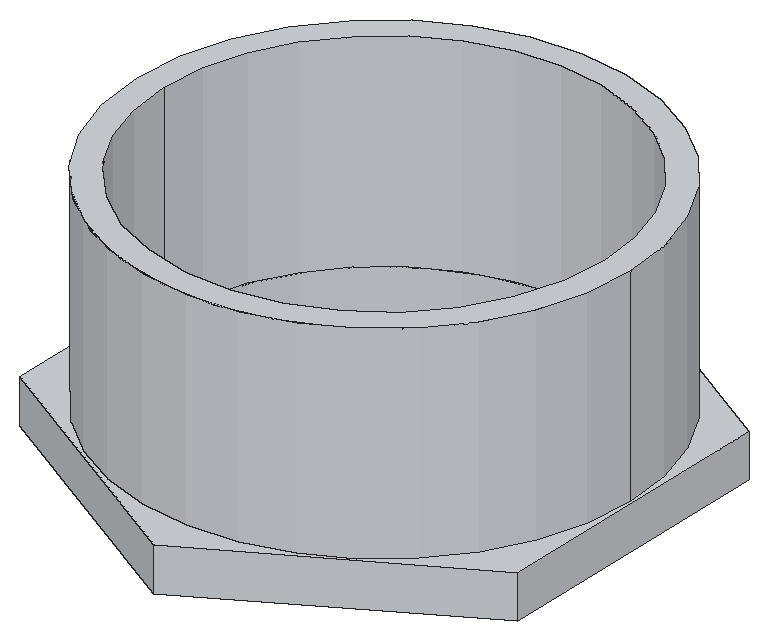
Revit family "MBBL5", category Generic Models, Revit 2017
Family settings
  Can host rebar = No
  Round Connector Dimension = Use Diameter
  Part Type = Normal
  Work Plane-Based = Yes
  Always vertical = No
  Cut with Voids When Loaded = No
  Shared = No
  Room Calculation Point = No
Parameters (values of type "NBS Standard Parameters")
  Weight = "0.0815Kg"
  WarrantyStartDate [instance] = "1900-12-31T23:59:59"
  WarrantyGuarantorParts = "n/a"
  WarrantyGuarantorLabor = "n/a"
  WarrantyDurationUnit = "1 year"
  WarrantyDurationParts = "1 year"
  WarrantyDurationLabor = "n/a"
  WarrantyDescription = "n/a"
  Version = "1"
  Uniclass2 = "Pr_65_70_11_20"
  TagNumber [instance] = "n/a"
  SustainabilityPerformance = "n/a"
  Size = "2\""
  Shape = "Circular"
  SerialNumber [instance] = "n/a"
  Revision = "n/a"
  ReplacementCost = "n/a"
  ProductInformation = "www.metpro.co.uk/pdf/mbbl5.pdf"
  NominalWidth = 52 mm
  NominalLength = 52 mm
  NominalHeight = 26 mm
  Name = ""
  NBSTypeID = ""
  NBSReference = "90-55-10/460"
  NBSOfficeMasterTag = ""
  NBSNote = ""
  NBSDescription = "Conduit Fittings"
  NBSCertification = ""
  ModelReference = "MBBL5"
  ModelNumber = "n/a"
  Material = "Brass"
  ManufacturerURL = "www.metpro.co.uk"
  ManufacturerName = "Metpro Ltd"
  InstallationDate [instance] = "1900-12-31T23:59:59"
  IfcExportType = ""
  IfcExportAs = ""
  Grade = "n/a"
  Finish = "Self Colour"
  Features = "n/a"
  ExpectedLife = "n/a"
  DurationUnit = "year"
  Description = "MBBL5 - 2\" Male Brass Bush Long"
  Default Elevation = 1219.2 mm
  Constituents = "n/a"
  Color = "n/a"
  CodePerformance = "n/a"
  Category = "n/a"
  BarCode [instance] = "n/a"
  BIMObjectName = "metpro_metprolibrary_conduitfittings_metalcomponent_brassaccessories"
  Author = "Metpro Ltd"
  AssetType = "Fixed"
  AssetIdentifier [instance] = "n/a"
  AccessibilityPerformance = "n/a"
Reference planes
  plane 1 "Center (Front/Back)": y = 0
  plane 2: z = 0
  plane 3 "Center (Left/Right)": x = 0
Forms (mm)
  Extrusion 1, solid
    sketch origin (0, 0, 0) x (1, 0, 0) y (0, 1, 0)
      loop
        circle (8.689, 13.293) r 23
      loop
        line (-17.276, -1.698) -> (8.689, -16.689) -> (34.654, -1.698) -> (34.654, 28.284) -> (8.689, 43.275) -> (-17.276, 28.284) -> (-17.276, -1.698)
    from 0 to 4.5
  Extrusion 2, solid
    sketch origin (0, 0, 4.5) x (1, 0, 0) y (0, 1, 0)
      loop
        circle (8.689, 13.293) r 23
      loop
        circle (8.689, 13.293) r 25.7
    from 0 to 21.5
Dimensions and locks
  aligned and locked: level to plane 2
